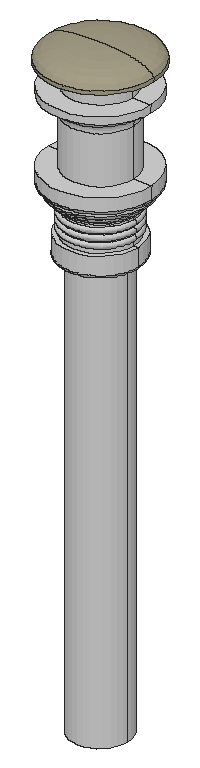
Revit family "936000001-DESAGUE PUSH METAL CR SAHARA", category Plumbing Fixtures, host Face, Revit 2021
Family settings
  Host = Face
  Round Connector Dimension = Use Diameter
  Part Type = Normal
  Cut with Voids When Loaded = No
  Shared = No
  Room Calculation Point = No
Parameters
  Default Elevation = 1219.2 mm
Reference planes
  plane 1 "Center (Front/Back)": y = 0
  plane 2: z = 0
  plane 3 "Center (Left/Right)": x = 0
Forms (mm)
  Revolve 1, solid, material "Cromo-Corona", detail levels medium+fine
    sketch origin (0, 0, 0) x (1, 0, 0) y (0, 0, 1)
      loop
        spline (0, 9.91) -> (-4.634, 9.859) -> (-8.905, 9.698) -> (-12.812, 9.426) -> (-16.355, 9.045) -> (-19.535, 8.553) -> (-22.352, 7.951) -> (-24.805, 7.239) -> (-26.894, 6.417) -> (-28.62, 5.485) -> (-29.983, 4.442) -> (-30.982, 3.29) -> (-31.617, 2.027)
        line (-31.617, 2.027) -> (-31.617, 0) -> (-16.035, 0) -> (-16.035, -2.717) -> (-18.91, -2.717) -> (-18.91, -12.603) -> (-30.043, -12.603) -> (-30.043, -16.974) -> (-22.334, -22.173)
        arc (-22.334, -22.173) -> (-20.348, -24.378) -> (-19.63, -27.258) r 6.134
        line (-19.63, -27.258) -> (-19.63, -55.214) -> (-30.31, -55.214) -> (-30.31, -62.796)
        arc (-30.31, -62.796) -> (-29.978, -63.598) -> (-29.176, -63.93) r 1.134
        line (-29.176, -63.93) -> (-28.327, -63.93)
        arc (-28.327, -63.93) -> (-27.661, -64.205) -> (-27.386, -64.871) r 0.941
        line (-27.386, -64.871) -> (-27.386, -67.083)
        arc (-27.386, -67.083) -> (-26.995, -68.027) -> (-26.051, -68.418) r 1.335
        line (-26.051, -68.418) -> (-25.075, -68.418)
        arc (-25.075, -68.418) -> (-24.443, -68.68) -> (-24.182, -69.311) r 0.893
        line (-24.182, -69.311) -> (-24.182, -70.168)
        arc (-24.182, -70.168) -> (-23.983, -71.035) -> (-23.425, -71.729) r 1.989
        line (-23.425, -71.729) -> (-20.244, -74.241)
        arc (-20.244, -74.241) -> (-19.792, -74.804) -> (-19.63, -75.508) r 1.614
        line (-19.63, -75.508) -> (-19.63, -76.678)
        arc (-19.63, -76.678) -> (-21.13, -78.178) -> (-19.63, -79.678) r 1.5
        line (-19.63, -79.678) -> (-19.63, -80.671)
        arc (-19.63, -80.671) -> (-21.13, -82.171) -> (-19.63, -83.671) r 1.5
        line (-19.63, -83.671) -> (-19.63, -84.741)
        arc (-19.63, -84.741) -> (-21.13, -86.241) -> (-19.63, -87.741) r 1.5
        line (-19.63, -87.741) -> (-19.63, -90.416) -> (-22.611, -90.416) -> (-22.611, -100.85)
        arc (-22.611, -100.85) -> (-22.318, -101.557) -> (-21.611, -101.85) r 1
        line (-21.611, -101.85) -> (-16.437, -101.85) -> (-16.437, -353.59) -> (0, -353.59) -> (0, 9.91)
      axis (0, 9.91) -> (0, -353.59)
    angle from 0 to 360
  Extrusion 2, solid, detail levels coarse
    sketch origin (0, 0, 0) x (1, 0, 0) y (0, 1, 0)
      loop
        circle (0, 0) r 31.617
    from 9.906 to -353.59
Dimensions and locks
  aligned and locked: plane 2 to host face
  aligned and locked: level to host face
Connectors
  piping at (0, 0, -353.59), diameter 38.1
    settings: on Revolve 1, index 1, connector inside diameter 609.6 mm, connector length 0 mm, flow factor 0, pipe flow 0.0 L/s, pressure drop 0.0 Pa, fitting loss kfactor 0, connector angle 0.00°, fixture units 0, engagement length 0 mm, angle of deflection 0.00°, flow configuration 0, flow direction 1, fitting loss method 0, system type 16, joint type 0, gender type 0, connector reference index -1, connector utility 0, adjustable connector no, is connector primary yes, connector description ""
